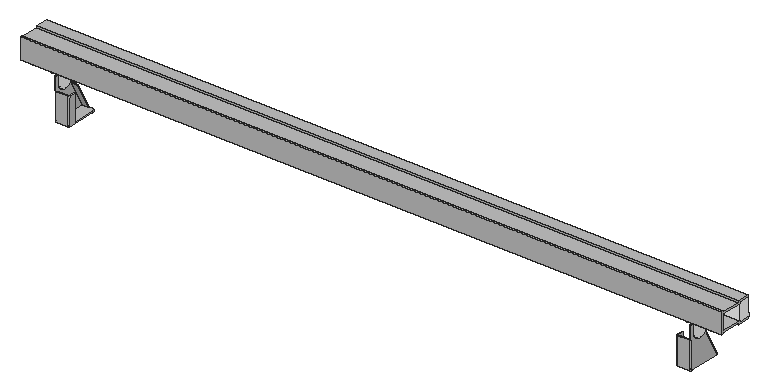
Revit family "4070764+4070746+4070771 Feilo Sylvania Lighting Fixture CURSUS 1161MM 731LM WIDE LED 3K with CONTINUOUS WALL HOUSING with 70MM WALL BRACKET", category Lighting Fixtures, host Face, Revit 2017
Family settings
  Host = Face
  Round Connector Dimension = Use Diameter
  Part Type = Normal
  OmniClass Number = 23.80.70.14
  OmniClass Title = Luminaries for External Lighting
  Cut with Voids When Loaded = Yes
  Light Source = No
  Shared = No
  Room Calculation Point = No
Parameters (values of type "4070764 CURSUS 1161MM 731LM WIDE LED 3K")
  Weight = "2.2 kg"
  Wattage Comments = "n/a"
  WarrantyStartDate [instance] = "n/a"
  WarrantyGuarantorParts = "n/a"
  WarrantyDurationUnit = "n/a"
  WarrantyDurationParts = "n/a"
  WarrantyDescription = "n/a"
  Voltage = 230 V
  URL = "http://www.sylvania-lighting.com"
  TypeName = "CURSUS 1161MM 731LM WIDE LED 3K"
  TypeFixture_FEILO = CURSUS with CONTINUOUS WALL HOUSING : CURSUS 1161MM 731LM WIDE LED 3K
  Type Image = <None>
  Type Comments = "n/a"
  TiltAngle [instance] = 0.00°
  StartAngle [instance] = TiltAngle + 270.00°  # 270.00°
  SerialNumber [instance] = "n/a"
  ReflectorMaterial = none
  PowerFactor = 0
  PowerConsumption = "18 W"
  NominalLength = 1161 mm
  NominalHeight = 50 mm
  NominalDepth = 30 mm
  Name = "CURSUS 1161MM 731LM WIDE LED 3K"
  ModelReference = Name  # "CURSUS 1161MM 731LM WIDE LED 3K"
  ModelNumber = "4070764"
  Model = Name  # "CURSUS 1161MM 731LM WIDE LED 3K"
  Material = "natural anodised extruded aluminium structure housing"
  ManufacturerName = "Feilo Sylvania"
  Manufacturer = "Feilo Sylvania"
  LuminousEfficacy = "40.61 lm/W"
  LuminaireType = ""
  LightOutputRatio = "100"
  LampsType = Lamp  # "LED"
  LampNominalLuminous = "731 lm"
  LampMacAdamStep = "n/a"
  LampColourTemperature = "3000 K"
  LampColourRenderingIndex = "80"
  Lamp = "LED"
  Keynote = "16500"
  InstallationDate [instance] = "n/a"
  InputVoltage = "220-240V~"
  InputNominalFrequency = "n/a"
  IngressProtection = "IP67"
  ImpactProtectionIndex = "IK07"
  IfcExportType = "IfcLightFixtureType"
  IfcExportAs = "IfcLightFixtureType"
  ExpectedLife = 50000
  EndAngle [instance] = StartAngle - 180.00°  # 90.00°
  ElectricShockClassification = "Class III"
  DurationUnit = "hours"
  DocumentationLiterature = "http://www.sylvania-lighting.com/product/en-int/products/4070764"
  DimmingControlOptions = "n/a"
  DiffuserMaterial = Diffuser-Sylvania-Glow
  Description = "LED Exterior Lighting Recessed Surface Mounted Linear Fixture, Natural anodised extruded aluminium structure. Die-cast aluminium end caps. Installation kit with harmonic steel springs., 731 lm, 18W, 40lm/W, 3000K, CRI80+,non dimmable,IP67, IK07, (HxWxD) 1161x50x30mm, 3 step Mac Adam Ellipse, 2.2kg,, Classe III, 21-25V-DC, energy class : A++, A+, A"
  Default Elevation = 1219.2 mm
  CreatedOn = "1/8/2018"
  CreatedBy = ""
  Cost = 0
  built-in parameter 1114216 [instance] = (empty or 0)
  ClassificationValue = "EF_70_80"
  ClassificationName = "Uniclass2015"
  BracketWidth = 24 mm
  BracketThickness = 2 mm
  BracketHeightEnd = 32 mm
  BracketHeight = 55 mm
  BracketFlange = BracketHeight / 5  # 11 mm
  BracketExtension = 70 mm
  BracketEndReduction = 25 mm
  BracketC = 22 mm  # constant formula
  BracketDistance = 1030 mm
  BracketD = BracketHeightEnd - (BracketC * (BracketHeight - BracketHeightEnd) / (BracketExtension - BracketEndReduction))  # 20.756 mm
  BodyMaterial = Body-Sylvania-Gray
  BarCode [instance] = "n/a"
  AssetType = "Fixed"
  AssetIdentifier [instance] = "n/a"
  Assembly Code = "D5020200"
  Apparent Load = 18 VA
  AccessoryMaterial = Diffuser-Sylvania-Glow
Reference planes
  plane 1 "Center (Front/Back)": y = 0
  plane 2: z = 0
  plane 3 "Center (Left/Right)": x = 0
  plane 4: x = -527
  plane 5: x = 527
  plane 6: y = 55
  plane 7: x = -503
  plane 8: x = 503
  plane 9: z = 70
  plane 10: z = 56
  plane 11: z = 2
  plane 12: z = 45
  plane 13: x = -525
  plane 14: y = 53
  plane 15: y = 2
  plane 16: x = -505
  plane 17: x = 505
  plane 18: x = 525
  plane 19: x = -515
  plane 20: x = 515
  plane 21: y = 11
  plane 22: y = 32
  plane 23: y = 30
  plane 24: z = 67
  plane 25: y = 20.756
  plane 26: y = 16
Forms (mm)
  Blend 1, solid, material "Body-Sylvania-Gray" <- "BodyMaterial"
    base sketch origin (1223.4, -4572, 2) x (0, -1, 0) y (1, 0, 0)
      loop
        line (-4625, -1738.4) -> (-4627, -1738.4) -> (-4627, -1748.4)
        arc (-4627, -1748.4) -> (-4626.414, -1749.814) -> (-4625, -1750.4) r 2
        line (-4625, -1750.4) -> (-4574, -1750.4)
        arc (-4574, -1750.4) -> (-4572.586, -1749.814) -> (-4572, -1748.4) r 2
        line (-4572, -1748.4) -> (-4572, -1728.4)
        arc (-4572, -1728.4) -> (-4572.586, -1726.986) -> (-4574, -1726.4) r 2
        line (-4574, -1726.4) -> (-4583, -1726.4) -> (-4583, -1728.4) -> (-4574, -1728.4) -> (-4574, -1748.4) -> (-4625, -1748.4) -> (-4625, -1738.4)
    top sketch origin (1223.4, -4572, 2) x (0, -1, 0) y (1, 0, 0)
      loop
        line (-4583, -1728.4) -> (-4574, -1728.4) -> (-4574, -1748.4) -> (-4602, -1748.4) -> (-4602, -1738.4) -> (-4604, -1738.4) -> (-4604, -1748.4)
        arc (-4604, -1748.4) -> (-4603.52, -1749.71) -> (-4602.309, -1750.4) r 2.028
        line (-4602.309, -1750.4) -> (-4574, -1750.4)
        arc (-4574, -1750.4) -> (-4572.586, -1749.814) -> (-4572, -1748.4) r 2
        line (-4572, -1748.4) -> (-4572, -1728.4)
        arc (-4572, -1728.4) -> (-4572.586, -1726.986) -> (-4574, -1726.4) r 2
        line (-4574, -1726.4) -> (-4583, -1726.4) -> (-4583, -1728.4)
    from 0 to 43
  Extrusion 2, solid, material "Body-Sylvania-Gray" <- "BodyMaterial"
    sketch origin (0, 0, 0) x (1, 0, 0) y (0, 1, 0)
      loop
        arc (-525, 55) -> (-526.414, 54.414) -> (-527, 53) r 2
        line (-527, 53) -> (-527, 2)
        arc (-527, 2) -> (-526.414, 0.586) -> (-525, 0) r 2
        line (-525, 0) -> (-505, 0)
        arc (-505, 0) -> (-503.586, 0.586) -> (-503, 2) r 2
        line (-503, 2) -> (-503, 47.5)
        arc (-503, 47.5) -> (-505.197, 52.803) -> (-510.5, 55) r 7.5
        line (-510.5, 55) -> (-525, 55)
      loop
        line (525, 55) -> (510.5, 55)
        arc (510.5, 55) -> (505.197, 52.803) -> (503, 47.5) r 7.5
        line (503, 47.5) -> (503, 2)
        arc (503, 2) -> (503.586, 0.586) -> (505, 0) r 2
        line (505, 0) -> (525, 0)
        arc (525, 0) -> (526.414, 0.586) -> (527, 2) r 2
        line (527, 2) -> (527, 53)
        arc (527, 53) -> (526.414, 54.414) -> (525, 55) r 2
    from 0 to 2
  Blend 3, solid, material "Body-Sylvania-Gray" <- "BodyMaterial"
    base sketch origin (1223.4, -4572, 2) x (0, -1, 0) y (1, 0, 0)
      loop
        line (-4625, -698.4) -> (-4574, -698.4) -> (-4574, -718.4) -> (-4583, -718.4) -> (-4583, -720.4) -> (-4574, -720.4)
        arc (-4574, -720.4) -> (-4572.586, -719.814) -> (-4572, -718.4) r 2
        line (-4572, -718.4) -> (-4572, -698.4)
        arc (-4572, -698.4) -> (-4572.586, -696.986) -> (-4574, -696.4) r 2
        line (-4574, -696.4) -> (-4625, -696.4)
        arc (-4625, -696.4) -> (-4626.414, -696.986) -> (-4627, -698.4) r 2
        line (-4627, -698.4) -> (-4627, -708.4) -> (-4625, -708.4) -> (-4625, -698.4)
    top sketch origin (1223.4, -4572, 2) x (0, -1, 0) y (1, 0, 0)
      loop
        line (-4602, -708.4) -> (-4602, -698.4) -> (-4574, -698.4) -> (-4574, -718.4) -> (-4583, -718.4) -> (-4583, -720.4) -> (-4574, -720.4)
        arc (-4574, -720.4) -> (-4572.586, -719.814) -> (-4572, -718.4) r 2
        line (-4572, -718.4) -> (-4572, -698.4)
        arc (-4572, -698.4) -> (-4572.586, -696.986) -> (-4574, -696.4) r 2
        line (-4574, -696.4) -> (-4602, -696.4)
        arc (-4602, -696.4) -> (-4603.414, -696.986) -> (-4604, -698.4) r 2
        line (-4604, -698.4) -> (-4604, -708.4) -> (-4602, -708.4)
    from 0 to 43
  Blend 4, solid, material "Body-Sylvania-Gray" <- "BodyMaterial"
    base sketch origin (1223.4, -4572, 45) x (0, -1, 0) y (1, 0, 0)
      loop
        line (-4604, -1750.4) -> (-4572, -1750.4) -> (-4572, -1748.4) -> (-4604, -1748.4) -> (-4604, -1750.4)
    top sketch origin (1223.4, -4572, 45) x (0, -1, 0) y (1, 0, 0)
      loop
        line (-4572, -1750.4) -> (-4572, -1748.4) -> (-4592.756, -1748.4) -> (-4592.756, -1750.4) -> (-4572, -1750.4)
    from 0 to 22
  Blend 5, solid, material "Body-Sylvania-Gray" <- "BodyMaterial"
    base sketch origin (1223.4, -4572, 45) x (0, -1, 0) y (1, 0, 0)
      loop
        line (-4604, -698.4) -> (-4572, -698.4) -> (-4572, -696.4) -> (-4604, -696.4) -> (-4604, -698.4)
    top sketch origin (1223.4, -4572, 45) x (0, -1, 0) y (1, 0, 0)
      loop
        line (-4572, -696.4) -> (-4592.756, -696.4) -> (-4592.756, -698.4) -> (-4572, -698.4) -> (-4572, -696.4)
    from 0 to 22
  Extrusion 6, void
    sketch origin (0, 0, 0) x (0, 1, 0) y (0, 0, 1)
      loop
        line (0, 45) -> (2, 45) -> (2, 46.5) -> (0, 46.5) -> (0, 45)
      loop
        line (32, 45) -> (32, 46.5) -> (30, 46.5) -> (30, 45) -> (32, 45)
    from -527 to 527
  Revolve 7, solid, not visible
    sketch origin (1524, 16, 1219.2) x (1, 0, 0) y (0, 0, 1)
      loop
        line (-1524, -1152.2) -> (-1524, -1163.2) -> (-1009, -1163.2) -> (-1009, -1152.2) -> (-1524, -1152.2)
      axis (-1009, -1163.2) -> (-1524, -1163.2)
    angle from 270 <- "StartAngle" to 90 <- "EndAngle"
Cuts and joins
  Extrusion 6 cuts Blend 4
  Extrusion 6 cuts Blend 5
  joined: Blend 1, Extrusion 2, Blend 3, Blend 4, Blend 5
Lines and regions (mm)
  reference lines, not visible
    curve 1: line (-503, 16, 56) -> (503, 16, 56)
Dimensions and locks
  equal spacing: plane 4, plane 3 "Center (Left/Right)", plane 5
  "BracketDistance": plane 19 to plane 20
  "BracketHeight": plane 1 "Center (Front/Back)" to plane 6
  equal spacing: plane 7, plane 3 "Center (Left/Right)", plane 8
  "BracketWidth": plane 4 to plane 7
  "BracketExtension": plane 9 to plane 2
  "BracketThickness": plane 11 to plane 2
  "BracketEndReduction": plane 9 to plane 12
  equal spacing: plane 13, plane 3 "Center (Left/Right)", plane 18
  equal spacing: plane 16, plane 3 "Center (Left/Right)", plane 17
  "BracketThickness": plane 4 to plane 13
  "BracketThickness": plane 16 to plane 7
  "BracketThickness": plane 14 to plane 6
  "BracketThickness": plane 1 "Center (Front/Back)" to plane 15
  equal spacing: plane 4, plane 19, plane 7
  equal spacing: plane 8, plane 20, plane 5
  "BracketFlange": plane 1 "Center (Front/Back)" to plane 21
  "BracketHeightEnd": plane 1 "Center (Front/Back)" to plane 22
  "BracketThickness": plane 23 to plane 22
  locked: Extrusion 2 sketch curve to plane 7 at 7.5
  locked: Extrusion 2 sketch curve to plane 6 at 7.5  (x2)
  locked: plane 8 to Extrusion 2 sketch curve at 7.5
  "BracketC": plane 24 to plane 12
  "BracketD": plane 1 "Center (Front/Back)" to plane 25
  locked: plane 12 to Extrusion 6 sketch curve at 1.5
  equal spacing: plane 24, plane 10, plane 12
  equal spacing: plane 1 "Center (Front/Back)", plane 26, plane 22
  aligned and locked: plane 2 to host face
  aligned and locked: level to host face
  aligned and locked: plane 4 to Blend 1 sketch curve  (x2)
  aligned and locked: plane 13 to Blend 1 sketch curve  (x3)
  aligned and locked: Blend 1 sketch curve to plane 15
  aligned and locked: Blend 1 sketch curve to plane 16
  aligned and locked: Blend 1 sketch curve to plane 21
  aligned and locked: plane 7 to Blend 1 sketch curve
  aligned and locked: plane 16 to Blend 1 sketch curve
  aligned and locked: plane 1 "Center (Front/Back)" to Blend 1 sketch curve
  aligned and locked: plane 14 to Blend 1 sketch curve
  aligned and locked: Blend 1 sketch curve to var sketch  (x6)
  aligned and locked: Blend 1 sketch curve to plane 19
  aligned and locked: Blend 1 sketch curve to plane 22
  aligned and locked: plane 23 to Blend 1 sketch curve
  aligned and locked: plane 11 to Blend 1
  aligned and locked: Extrusion 2 sketch curve to Blend 1  (x3)
  aligned and locked: Extrusion 2 to level
  aligned and locked: Extrusion 2 to plane 11
  aligned and locked: Extrusion 2 sketch curve to plane 7
  aligned and locked: plane 18 to Blend 3 sketch curve  (x4)
  aligned and locked: plane 14 to Blend 3 sketch curve  (x2)
  aligned and locked: Blend 3 sketch curve to plane 20
  aligned and locked: Blend 3 sketch curve to plane 6
  aligned and locked: plane 5 to Blend 3 sketch curve
  aligned and locked: plane 1 "Center (Front/Back)" to Blend 3 sketch curve
  aligned and locked: plane 15 to Blend 3 sketch curve  (x2)
  aligned and locked: Blend 3 sketch curve to plane 8
  aligned and locked: Blend 3 sketch curve to plane 21
  aligned and locked: plane 17 to Blend 3 sketch curve
  aligned and locked: Blend 3 sketch curve to plane 18
  aligned and locked: plane 20 to Blend 3 sketch curve  (x2)
  aligned and locked: Blend 3 sketch curve to plane 23
  aligned and locked: Blend 3 sketch curve to var sketch  (x8)
  aligned and locked: var sketch to Blend 3 sketch curve
  aligned and locked: plane 22 to Blend 3 sketch curve
  aligned and locked: plane 11 to Blend 3
  aligned and locked: Extrusion 2 sketch curve to Blend 3  (x4)
  aligned and locked: Blend 1 to plane 12
  aligned and locked: Blend 3 to plane 12
  aligned and locked: Blend 4 sketch curve to plane 22
  aligned and locked: Blend 4 sketch curve to cut or joined group of Blend 1, Extrusion 2, Blend 3, Blend 4, Blend 5, Extrusion 6  (x2)
  aligned and locked: cut or joined group of Blend 1, Extrusion 2, Blend 3, Blend 4, Blend 5, Extrusion 6 to Blend 4 sketch curve
  aligned and locked: Blend 4 sketch curve to var sketch  (x2)
  aligned and locked: Blend 4 sketch curve to plane 13
  aligned and locked: Blend 4 to plane 24
  aligned and locked: Blend 4 sketch curve to plane 25
  aligned and locked: Blend 5 sketch curve to plane 18  (x2)
  aligned and locked: plane 1 "Center (Front/Back)" to Blend 5 sketch curve
  aligned and locked: plane 5 to Blend 5 sketch curve
  aligned and locked: plane 22 to Blend 5 sketch curve
  aligned and locked: Blend 5 sketch curve to var sketch
  aligned and locked: var sketch to Blend 5 sketch curve
  aligned and locked: Blend 5 sketch curve to plane 25
  aligned and locked: Blend 5 to plane 24
  aligned and locked: plane 12 to Blend 5
  aligned and locked: Extrusion 6 sketch curve to cut or joined group of Blend 1, Extrusion 2, Blend 3, Blend 4, Blend 5, Extrusion 6  (x2)
  aligned and locked: Extrusion 6 sketch curve to Extrusion 6 sketch curve
  aligned and locked: Extrusion 6 sketch curve to plane 15
  aligned and locked: plane 5 to Extrusion 6
  aligned and locked: Extrusion 6 to plane 4
  aligned and locked: Extrusion 6 sketch curve to plane 23
  aligned and locked: Revolve 7 sketch curve to plane 10  (x2)
  aligned and locked: plane 24 to Revolve 7 sketch curve
  aligned and locked: plane 3 "Center (Left/Right)" to Revolve 7 sketch curve
  aligned and locked: Revolve 7 sketch curve to plane 20
  aligned and locked: plane 7 to curve 1
  aligned and locked: plane 10 to curve 1
  aligned and locked: nested 1 to plane 5
  aligned and locked: nested 2 to plane 4
  aligned and locked: nested 1 to curve 1
  aligned and locked: nested 2 to curve 1
  aligned and locked: nested 3 to plane 3 "Center (Left/Right)"
  aligned and locked: nested 1 to nested 3
Automatic sketch dimensions
  host sketch curve to host sketch curve = 2438.4 mm  (x2)
  Blend 1 sketch curve to plane 13 = 0 mm
  plane 15 to Blend 1 sketch curve = 0 mm  (x3)
  Blend 1 sketch curve to plane 23 = 0.309 mm
  plane 6 to Blend 1 sketch curve = 0 mm
  plane 14 to Blend 1 sketch curve = 0 mm
  Blend 1 sketch curve to plane 19 = 0 mm
  Blend 3 sketch curve to plane 17 = 0 mm
  Extrusion 6 sketch curve to plane 1 "Center (Front/Back)" = 0 mm
  plane 12 to Extrusion 6 sketch curve = 0 mm
  Revolve 7 sketch curve to plane 4 = 1153 mm
  plane 5 to Revolve 7 sketch curve = 1161.4 mm
  curve 1 to plane 8 = 0 mm
Nested families
  nested 1: "MountingPlate" at (526, 16, 56) x (-1, 0, 0) z (0, 0, 1), type "MountingPlate"
  nested 2: "MountingPlate" at (-526, 16, 56) x (-1, 0, 0) z (0, 0, 1), type "MountingPlate"
  nested 3: "CURSUS with CONTINUOUS WALL HOUSING" at (0, -4, 74) x (-1, 0, 0) z (0, 0, 1), type <- "TypeFixture_FEILO", type "CURSUS 1161MM 731LM WIDE LED 3K"
    with WarrantyStartDate "n/a", SerialNumber "n/a", InstallationDate "n/a", EndCapRight no, EndCapLeft no, built-in parameter 1114216 (empty or 0), BarCode "n/a", AssetIdentifier "n/a"
Connectors
  electrical at (0, 0, 0), driven by "Voltage", driven by "Apparent Load", driven by "PowerFactor", driven by "Apparent Load"
    settings: index 1, voltage 230 V, apparent load 18 VA, apparent load phase1 18 VA, apparent load phase2 0 VA, apparent load phase3 0 VA, power factor 0, load classification "Other", number of poles 1, system type 30, power factor state 1, is connector primary yes, connector utility no, sub classification motor no, connector description ""
Definition of nested family "MountingPlate"
  Parameters (values of type "MountingPlate")
    URL = "http://www.feilosylvania.com"
    Type Comments = "n/a"
    ReflectorMaterial = none
    MountingPlateWidth = 76 mm
    MountingPlateThickness = 2 mm
    MountingPlateRadiusBack = 12 mm
    MountingPlateRadius = 3 mm
    MountingPlateHeight = 35 mm
    Model = "n/a"
    Manufacturer = "Feilo Sylvania"
    Keynote = "n/a"
    DiffuserMaterial = none
    Description = "n/a"
    Default Elevation = 1219.2 mm
    Cost = 0
    BodyMaterial = none
    Assembly Code = "n/a"
    AccessoryMaterial = none
  Reference planes
    plane 1 "Center (Front/Back)": y = 0
    plane 2: z = 0
    plane 3 "Center (Left/Right)": x = 0
    plane 4: x = -38
    plane 5: x = 38
    plane 6: y = 17.5
    plane 7: y = -17.5
    plane 8: x = -3
    plane 9: x = 3
    plane 10: z = 18
    plane 11: z = 16
    plane 12: y = 12.5
    plane 13: y = -12.5
    plane 14: x = -1
    plane 15: x = 1
    plane 16: z = -12.5
    plane 17: z = -14.5
  Forms (mm)
    Extrusion 1, solid
      sketch origin (1.653, 0, 0) x (1, 0, 0) y (0, 1, 0)
        loop
          line (-1219.2, 1219.2) -> (-1219.2, -1219.2) -> (1219.2, -1219.2) -> (1219.2, 1219.2) -> (-1219.2, 1219.2)
      from 0 to -304.8
    Extrusion 2, solid, material <- "BodyMaterial"
      sketch origin (1218.4, -4572, 16) x (0, -1, 0) y (-1, 0, 0)
        loop
          line (-4589.5, 1253.4) -> (-4589.5, 1224.4)
          arc (-4589.5, 1224.4) -> (-4588.621, 1222.279) -> (-4586.5, 1221.4) r 3
          line (-4586.5, 1221.4) -> (-4557.5, 1221.4)
          arc (-4557.5, 1221.4) -> (-4555.379, 1222.279) -> (-4554.5, 1224.4) r 3
          line (-4554.5, 1224.4) -> (-4554.5, 1253.4)
          arc (-4554.5, 1253.4) -> (-4555.379, 1255.521) -> (-4557.5, 1256.4) r 3
          line (-4557.5, 1256.4) -> (-4586.5, 1256.4)
          arc (-4586.5, 1256.4) -> (-4588.621, 1255.521) -> (-4589.5, 1253.4) r 3
        loop
          arc (-4589.5, 1183.4) -> (-4588.621, 1181.279) -> (-4586.5, 1180.4) r 3
          line (-4586.5, 1180.4) -> (-4557.5, 1180.4)
          arc (-4557.5, 1180.4) -> (-4555.379, 1181.279) -> (-4554.5, 1183.4) r 3
          line (-4554.5, 1183.4) -> (-4554.5, 1212.4)
          arc (-4554.5, 1212.4) -> (-4555.379, 1214.521) -> (-4557.5, 1215.4) r 3
          line (-4557.5, 1215.4) -> (-4586.5, 1215.4)
          arc (-4586.5, 1215.4) -> (-4588.621, 1214.521) -> (-4589.5, 1212.4) r 3
          line (-4589.5, 1212.4) -> (-4589.5, 1183.4)
      from 0 to -2
    Extrusion 3, solid, material <- "BodyMaterial"
      sketch origin (0, 0, 0) x (1, 0, 0) y (0, 0, 1)
        loop
          line (-3, 18) -> (-3, -12.5) -> (-1, -12.5) -> (-1, 16)
          arc (-1, 16) -> (-1.586, 17.414) -> (-3, 18) r 2
        loop
          line (3, -12.5) -> (3, 18)
          arc (3, 18) -> (1.586, 17.414) -> (1, 16) r 2
          line (1, 16) -> (1, -12.5) -> (3, -12.5)
      from -12.5 to 12.5
    Extrusion 4, void
      sketch origin (0, 0, 0) x (0, 1, 0) y (0, 0, 1)
        loop
          line (-12.5, -0.5) -> (-17.5, -0.5) -> (-17.5, -14.5) -> (-0.5, -14.5) -> (-0.5, -12.5)
          arc (-0.5, -12.5) -> (-8.985, -8.985) -> (-12.5, -0.5) r 12
        loop
          line (0.5, -12.5) -> (0.5, -14.5) -> (17.5, -14.5) -> (17.5, -0.5) -> (12.5, -0.5)
          arc (12.5, -0.5) -> (8.985, -8.985) -> (0.5, -12.5) r 12
      from -3 to 3
  Cuts and joins
    Extrusion 4 cuts Extrusion 2
    Extrusion 4 cuts Extrusion 3
    joined: Extrusion 2, Extrusion 3
  Lines and regions (mm)
    reference lines
      curve 1: line (-38, 0, 0) -> (38, 0, 0)
  Dimensions and locks
    equal spacing: plane 4, plane 3 "Center (Left/Right)", plane 5
    "MountingPlateWidth": plane 4 to plane 5
    equal spacing: plane 7, plane 1 "Center (Front/Back)", plane 6
    "MountingPlateHeight": plane 7 to plane 6
    equal spacing: plane 8, plane 3 "Center (Left/Right)", plane 9
    "MountingPlateHeight": plane 4 to plane 8
    locked: plane 10 to plane 2 at 18
    "MountingPlateThickness": plane 10 to plane 11
    equal spacing: plane 13, plane 1 "Center (Front/Back)", plane 12
    locked: plane 13 to plane 12 at 25
    "MountingPlateRadius": plane 4 to Extrusion 2 sketch curve  (x2)
    "MountingPlateRadius": Extrusion 2 sketch curve to plane 6  (x4)
    "MountingPlateRadius": Extrusion 2 sketch curve to plane 8  (x2)
    "MountingPlateRadius": plane 7 to Extrusion 2 sketch curve  (x4)
    "MountingPlateRadius": plane 9 to Extrusion 2 sketch curve  (x2)
    "MountingPlateRadius": Extrusion 2 sketch curve to plane 5  (x2)
    equal spacing: plane 15, plane 3 "Center (Left/Right)", plane 14
    "MountingPlateThickness": plane 14 to plane 8
    locked: plane 2 to plane 16 at 12.5
    locked: plane 17 to plane 16 at 2
    "MountingPlateRadiusBack": plane 13 to Extrusion 4 sketch curve
    "MountingPlateRadiusBack": plane 16 to Extrusion 4 sketch curve  (x2)
    "MountingPlateRadiusBack": Extrusion 4 sketch curve to plane 12
    aligned and locked: plane 2 to Extrusion 1
    aligned and locked: level to Extrusion 1
    aligned and locked: Extrusion 2 sketch curve to plane 6
    aligned and locked: Extrusion 2 sketch curve to plane 4
    aligned and locked: plane 7 to Extrusion 2 sketch curve
    aligned and locked: plane 8 to Extrusion 2 sketch curve
    aligned and locked: plane 6 to Extrusion 2 sketch curve
    aligned and locked: Extrusion 2 sketch curve to plane 5
    aligned and locked: Extrusion 2 sketch curve to plane 7
    aligned and locked: plane 9 to Extrusion 2 sketch curve
    aligned and locked: Extrusion 2 to plane 10
    aligned and locked: plane 11 to Extrusion 2
    aligned and locked: Extrusion 3 sketch curve to Extrusion 2  (x2)
    aligned and locked: plane 16 to Extrusion 3 sketch curve  (x2)
    aligned and locked: plane 14 to Extrusion 3 sketch curve
    aligned and locked: plane 9 to Extrusion 3 sketch curve
    aligned and locked: plane 15 to Extrusion 3 sketch curve
    aligned and locked: Extrusion 3 to plane 12
    aligned and locked: plane 13 to Extrusion 3
    aligned and locked: plane 17 to Extrusion 4 sketch curve  (x2)
    aligned and locked: Extrusion 4 sketch curve to plane 7
    aligned and locked: Extrusion 4 sketch curve to plane 6
    aligned and locked: plane 9 to Extrusion 4
    aligned and locked: Extrusion 4 to plane 8
    aligned and locked: plane 4 to curve 1
    aligned and locked: curve 1 to level
  Automatic sketch dimensions
    Extrusion 1 sketch curve to Extrusion 1 sketch curve = 2438.4 mm  (x2)
    Extrusion 3 sketch curve to plane 11 = 0 mm
    curve 1 to plane 5 = 0 mm
    Extrusion 4 sketch curve to plane 13 = 0 mm
    Extrusion 4 sketch curve to plane 12 = 0 mm
Definition of nested family "CURSUS with CONTINUOUS WALL HOUSING"
  Parameters (values of type "CURSUS 1161MM 827LM OVAL LED 3K")
    Width_FEILO = 35 mm
    Weight = "2.2 kg"
    Wattage Comments = "n/a"
    Wattage = 18 W
    WarrantyStartDate [instance] = "n/a"
    WarrantyGuarantorParts = "n/a"
    WarrantyDurationUnit = "n/a"
    WarrantyDurationParts = "n/a"
    WarrantyDescription = "n/a"
    WallThickness_FEILO = 2.5 mm
    built-in parameter 1150110 = 1 (stored number, unit not read)
    Voltage = 24 V
    URL = "http://www.feilosylvania.com"
    TypeName = "CURSUS 1161MM 827LM OVAL LED 3K"
    Type Image = (empty or 0)
    Type Comments = "n/a"
    built-in parameter 1114217 = 1 (stored number, unit not read)
    Tilt Angle = -90.00°
    built-in parameter 1150109 = 1 (stored number, unit not read)
    built-in parameter 1150134 = (empty or 0)
    built-in parameter 1150113 = 1 (stored number, unit not read)
    SerialNumber [instance] = "n/a"
    ReflectorMaterial = none
    PowerFactor = 0
    PowerConsumption = "18 W"
    Photometric Web File = "4070765.ies"
    NominalLength = 1161 mm
    NominalHeight = 50 mm
    NominalDepth = 30 mm
    Name = "CURSUS 1161MM 827LM OVAL LED 3K"
    ModelReference = Name  # "CURSUS 1161MM 827LM OVAL LED 3K"
    ModelNumber = ""
    Model = Name  # "CURSUS 1161MM 827LM OVAL LED 3K"
    Material = "natural anodised extruded aluminium structure housing, optical system with pmma lenses diffuser"
    ManufacturerName = "Feilo Sylvania"
    Manufacturer = "Feilo Sylvania"
    LuminousEfficacy = "45.94 lm/W"
    built-in parameter 1150105 = 65.811 (stored number, unit not read)
    Lumens = 827 lm
    LuminaireType = ""
    built-in parameter 1150115 = 1 (stored number, unit not read)
    LightOutputRatio = "100"
    built-in parameter 1150137 = (empty or 0)
    built-in parameter 1150139 = (empty or 0)
    Length_FEILO = 1167 mm
    LampsType = Lamp  # "LED"
    LampNominalLuminous = "827 lm"
    LampMacAdamStep = "n/a"
    LampColourTemperature = "3000 K"
    LampColourRenderingIndex = "80"
    built-in parameter 1150112 = 1 (stored number, unit not read)
    built-in parameter 1150114 = 1 (stored number, unit not read)
    Lamp = "LED"
    Keynote = "16500"
    InstallationDate [instance] = "n/a"
    InputVoltage = "24V DC"
    InputNominalFrequency = "n/a"
    built-in parameter 1150132 = (empty or 0)
    built-in parameter 1150102 = (empty or 0)
    built-in parameter 1150107 = 3000 (stored number, unit not read)
    built-in parameter 1150138 = (empty or 0)
    IngressProtection = "IP67"
    ImpactProtectionIndex = "IK07"
    built-in parameter 1150106 = 0.65811 (stored number, unit not read)
    IfcExportType = "IfcLightFixtureType"
    IfcExportAs = "IfcLightFixtureType"
    ExpectedLife = 50000
    EndCapRight [instance] = no
    EndCapLeft [instance] = no
    Emit from Rectangle Width = Width_FEILO - WallThickness_FEILO * 2  # 30 mm
    Emit from Rectangle Length = Length_FEILO - WallThickness_FEILO * 2  # 1162 mm
    Emit Shape Visible in Rendering = no
    ElectricShockClassification = "Class III"
    built-in parameter 1150104 = 4.2684 (stored number, unit not read)
    DurationUnit = "hours"
    DocumentationLiterature = "http://www.feilosylvania.com/product/en-int/products/4070765"
    DimmingControlOptions = "n/a"
    Dimming Lamp Color Temperature Shift = (empty or 0)
    DiffuserMaterial = none
    Description = "LED Exterior Lighting Recessed Surface Mounted Linear Fixture, Natural anodised extruded aluminium structure. Die-cast aluminium end caps. Installation kit with harmonic steel springs., 827 lm, 18W, 45lm/W, 3000K, CRI80+,non dimmable,IP67, IK07, (HxWxD) 1161x50x30mm, 3 step Mac Adam Ellipse, 2.2kg,, Classe III, 21-25V-DC, energy class : A++, A+, A"
    Default Elevation = 1219.2 mm
    CreatedOn = "1/8/2018"
    CreatedBy = "aron.fodor@feilosylvania.com"
    Cost = 0
    Color Filter = 16777215
    built-in parameter 1114216 [instance] = (empty or 0)
    ClassificationValue = "EF_70_80"
    ClassificationName = "Uniclass2015"
    BodyMaterial = none
    BarCode [instance] = "n/a"
    built-in parameter 1114218 = 1 (stored number, unit not read)
    built-in parameter 1150133 = 10 (stored number, unit not read)
    AssetType = "Fixed"
    AssetIdentifier [instance] = "n/a"
    Assembly Code = "D5020200"
    Apparent Load = 18 VA
    AccessoryMaterial = none
  Types (16, lengths in mm): name | Weight | Wattage | Voltage | TypeName | built-in parameter 1150134 | PowerConsumption | Photometric Web File | NominalLength | Name | ModelReference | Model | Material | LuminousEfficacy | built-in parameter 1150105 | Lumens | Length_FEILO | LampNominalLuminous | LampColourTemperature | InputVoltage | InputNominalFrequency | built-in parameter 1150107 | built-in parameter 1150106 | Emit from Rectangle Length | built-in parameter 1150104 | DocumentationLiterature | Description | Apparent Load
    CURSUS 1161MM 827LM OVAL LED 3K | "2.2 kg" | 18 W | 24 V | "CURSUS 1161MM 827LM OVAL LED 3K" | (empty or 0) | "18 W" | "4070765.ies" | 1161 | "CURSUS 1161MM 827LM OVAL LED 3K" | "CURSUS 1161MM 827LM OVAL LED 3K" | "CURSUS 1161MM 827LM OVAL LED 3K" | "natural anodised extruded aluminium structure housing, optical system with pmma lenses diffuser" | "45.94 lm/W" | 65.811 (stored number, unit not read) | 827 lm | 1167 | "827 lm" | "3000 K" | "24V DC" | "n/a" | 3000 (stored number, unit not read) | 0.65811 (stored number, unit not read) | 1162 | 4.2684 (stored number, unit not read) | "http://www.feilosylvania.com/product/en-int/products/4070765" | "LED Exterior Lighting Recessed Surface Mounted Linear Fixture, Natural anodised extruded aluminium structure. Die-cast aluminium end caps. Installation kit with harmonic steel springs., 827 lm, 18W, 45lm/W, 3000K, CRI80+,non dimmable,IP67, IK07, (HxWxD) 1161x50x30mm, 3 step Mac Adam Ellipse, 2.2kg,, Classe III, 21-25V-DC, energy class : A++, A+, A" | 18 VA
    CURSUS 1161MM 731LM WIDE LED 3K | "2.2 kg" | 18 W | 230 V | "CURSUS 1161MM 731LM WIDE LED 3K" | (empty or 0) | "18 W" | "4070764.ies" | 1161 | "CURSUS 1161MM 731LM WIDE LED 3K" | "CURSUS 1161MM 731LM WIDE LED 3K" | "CURSUS 1161MM 731LM WIDE LED 3K" | "natural anodised extruded aluminium structure housing" | "40.61 lm/W" | 58.171 (stored number, unit not read) | 731 lm | 1167 | "731 lm" | "3000 K" | "220-240V~" | "n/a" | 3000 (stored number, unit not read) | 0.58171 (stored number, unit not read) | 1162 | 3.7729 (stored number, unit not read) | "http://www.feilosylvania.com/product/en-int/products/4070764" | "LED Exterior Lighting Recessed Surface Mounted Linear Fixture, Natural anodised extruded aluminium structure. Die-cast aluminium end caps. Installation kit with harmonic steel springs., 731 lm, 18W, 40lm/W, 3000K, CRI80+,non dimmable,IP67, IK07, (HxWxD) 1161x50x30mm, 3 step Mac Adam Ellipse, 2.2kg,, Classe III, 21-25V-DC, energy class : A++, A+, A" | 18 VA
    CURSUS 1161MM 871LM OVAL LED 4K | "2.2 kg" | 18 W | 24 V | "CURSUS 1161MM 871LM OVAL LED 4K" | 12 | "18 W" | "4070763.ies" | 1161 | "CURSUS 1161MM 871LM OVAL LED 4K" | "CURSUS 1161MM 871LM OVAL LED 4K" | "CURSUS 1161MM 871LM OVAL LED 4K" | "natural anodised extruded aluminium structure housing, optical system with pmma lenses diffuser" | "48.38 lm/W" | 69.312 (stored number, unit not read) | 871 lm | 1167 | "871 lm" | "4000 K" | "24V DC" | "50/60 Hz" | 4000 (stored number, unit not read) | 0.69312 (stored number, unit not read) | 1162 | 4.4955 (stored number, unit not read) | "http://www.feilosylvania.com/product/en-int/products/4070763" | "LED Exterior Lighting Recessed Surface Mounted Linear Fixture, Natural anodised extruded aluminium structure. Die-cast aluminium end caps. Installation kit with harmonic steel springs., 871 lm, 18W,  48lm/W, 4000K, CRI80+,non dimmable,IP67, IK07, (HxWxD) 1161x50x30mm, 3 step Mac Adam Ellipse, 2.2kg,, Classe III, 21-25V-DC, energy class : A++, A+, A" | 18 VA
    CURSUS 1161MM 770LM WIDE LED 4K | "2.2 kg" | 18 W | 230 V | "CURSUS 1161MM 770LM WIDE LED 4K" | 12 | "18 W" | "4070762.ies" | 1161 | "CURSUS 1161MM 770LM WIDE LED 4K" | "CURSUS 1161MM 770LM WIDE LED 4K" | "CURSUS 1161MM 770LM WIDE LED 4K" | "natural anodised extruded aluminium structure housing" | "42.77 lm/W" | 61.275 (stored number, unit not read) | 770 lm | 1167 | "770 lm" | "4000 K" | "220-240V~" | "n/a" | 4000 (stored number, unit not read) | 0.61275 (stored number, unit not read) | 1162 | 3.9742 (stored number, unit not read) | "http://www.feilosylvania.com/product/en-int/products/4070762" | "LED Exterior Lighting Recessed Surface Mounted Linear Fixture, Natural anodised extruded aluminium structure. Die-cast aluminium end caps. Installation kit with harmonic steel springs., 770 lm, 18W,  42lm/W, 4000K, CRI80+,non dimmable,IP67, IK07, (HxWxD) 1161x50x30mm, 3 step Mac Adam Ellipse, 2.2kg,, Classe III, 21-25V-DC, energy class : A++, A+, A" | 18 VA
    CURSUS 876MM 620LM OVAL LED 3K | "1.7 kg" | 13.5 W | 24 V | "CURSUS 876MM 620LM OVAL LED 3K" | (empty or 0) | "13.5 W" | "4070758.ies" | 876 | "CURSUS 876MM 620LM OVAL LED 3K" | "CURSUS 876MM 620LM OVAL LED 3K" | "CURSUS 876MM 620LM OVAL LED 3K" | "natural anodised extruded aluminium structure housing, optical system with pmma lenses diffuser" | "45.92 lm/W" | 49.338 (stored number, unit not read) | 620 lm | 882 | "620 lm" | "3000 K" | "24V DC" | "50/60 Hz" | 3000 (stored number, unit not read) | 0.49338 (stored number, unit not read) | 877 | 4.2667 (stored number, unit not read) | "http://www.feilosylvania.com/product/en-int/products/4070758" | "LED Exterior Lighting Recessed Surface Mounted Linear Fixture, Natural anodised extruded aluminium structure. Die-cast aluminium end caps. Installation kit with harmonic steel springs., 620 lm, 13,5W, 45lm/W, 3000K, CRI80+,non dimmable,IP67, IK07, (HxWxD) 876x50x30mm, 3 step Mac Adam Ellipse, 1.7kg,, Classe III, 21-25V-DC, energy class : A++, A+, A" | 13.5 VA
    CURSUS 876MM 548LM WIDE LED 3K | "1.7 kg" | 13.5 W | 24 V | "CURSUS 876MM 548LM WIDE LED 3K" | (empty or 0) | "13.5 W" | "4070757.ies" | 876 | "CURSUS 876MM 548LM WIDE LED 3K" | "CURSUS 876MM 548LM WIDE LED 3K" | "CURSUS 876MM 548LM WIDE LED 3K" | "natural anodised extruded aluminium structure housing" | "40.59 lm/W" | 43.608 (stored number, unit not read) | 548 lm | 882 | "548 lm" | "3000 K" | "24V DC" | "n/a" | 3000 (stored number, unit not read) | 0.43608 (stored number, unit not read) | 877 | 3.7712 (stored number, unit not read) | "http://www.feilosylvania.com/product/en-int/products/4070757" | "LED Exterior Lighting Recessed Surface Mounted Linear Fixture, Natural anodised extruded aluminium structure. Die-cast aluminium end caps. Installation kit with harmonic steel springs., 548 lm, 13,5W, 40lm/W, 3000K, CRI80+,non dimmable,IP67, IK07, (HxWxD) 876x50x30mm, 3 step Mac Adam Ellipse, 1.7kg,, Classe III, 21-25V-DC, energy class : A++, A+, A" | 13.5 VA
    CURSUS 876MM 653LM OVAL LED 4K | "1.7 kg" | 13.5 W | 24 V | "CURSUS 876MM 653LM OVAL LED 4K" | 12 | "13.5 W" | "4070756.ies" | 876 | "CURSUS 876MM 653LM OVAL LED 4K" | "CURSUS 876MM 653LM OVAL LED 4K" | "CURSUS 876MM 653LM OVAL LED 4K" | "natural anodised extruded aluminium structure housing, optical system with pmma lenses diffuser" | "48.37 lm/W" | 51.964 (stored number, unit not read) | 653 lm | 882 | "653 lm" | "4000 K" | "24V DC" | "n/a" | 4000 (stored number, unit not read) | 0.51964 (stored number, unit not read) | 877 | 4.4938 (stored number, unit not read) | "http://www.feilosylvania.com/product/en-int/products/4070756" | "LED Exterior Lighting Recessed Surface Mounted Linear Fixture, Natural anodised extruded aluminium structure. Die-cast aluminium end caps. Installation kit with harmonic steel springs., 653 lm, 13,5W,  48lm/W, 4000K, CRI80+,non dimmable,IP67, IK07, (HxWxD) 876x50x30mm, 3 step Mac Adam Ellipse, 1.7kg,, Classe III, 21-25V-DC, energy class : A++, A+, A" | 13.5 VA
    CURSUS 876MM 577LM WIDE LED 4K | "1.7 kg" | 13.5 W | 24 V | "CURSUS 876MM 577LM WIDE LED 4K" | 12 | "13.5 W" | "4070755.ies" | 876 | "CURSUS 876MM 577LM WIDE LED 4K" | "CURSUS 876MM 577LM WIDE LED 4K" | "CURSUS 876MM 577LM WIDE LED 4K" | "natural anodised extruded aluminium structure housing" | "42.74 lm/W" | 45.916 (stored number, unit not read) | 577 lm | 882 | "577 lm" | "4000 K" | "24V DC" | "n/a" | 4000 (stored number, unit not read) | 0.45916 (stored number, unit not read) | 877 | 3.9707 (stored number, unit not read) | "http://www.feilosylvania.com/product/en-int/products/4070755" | "LED Exterior Lighting Recessed Surface Mounted Linear Fixture, Natural anodised extruded aluminium structure. Die-cast aluminium end caps. Installation kit with harmonic steel springs., 577 lm, 13,5W,  42lm/W, 4000K, CRI80+,non dimmable,IP67, IK07, (HxWxD) 876x50x30mm, 3 step Mac Adam Ellipse, 1.7kg,, Classe III, 21-25V-DC, energy class : A++, A+, A" | 13.5 VA
    CURSUS 591MM 414LM OVAL LED 3K | "1.2 kg" | 9 W | 24 V | "CURSUS 591MM 414LM OVAL LED 3K" | (empty or 0) | "9 W" | "4070751.ies" | 591 | "CURSUS 591MM 414LM OVAL LED 3K" | "CURSUS 591MM 414LM OVAL LED 3K" | "CURSUS 591MM 414LM OVAL LED 3K" | "natural anodised extruded aluminium structure housing, optical system with pmma lenses diffuser" | "46 lm/W" | 32.945 (stored number, unit not read) | 414 lm | 597 | "414 lm" | "3000 K" | "24V DC" | "n/a" | 3000 (stored number, unit not read) | 0.32945 (stored number, unit not read) | 592 | 4.2735 (stored number, unit not read) | "http://www.feilosylvania.com/product/en-int/products/4070751" | "LED Exterior Lighting Recessed Surface Mounted Linear Fixture, Natural anodised extruded aluminium structure. Die-cast aluminium end caps. Installation kit with harmonic steel springs., 414 lm, 9W, 46lm/W, 3000K, CRI80+,non dimmable,IP67, IK07, (HxWxD) 591x50x30mm, 3 step Mac Adam Ellipse, 1.2kg,, Classe III, 21-25V-DC, energy class : A++, A+, A" | 9 VA
    CURSUS 591MM 365LM WIDE LED 3K | "1.2 kg" | 9 W | 24 V | "CURSUS 591MM 365LM WIDE LED 3K" | (empty or 0) | "9 W" | "4070750.ies" | 591 | "CURSUS 591MM 365LM WIDE LED 3K" | "CURSUS 591MM 365LM WIDE LED 3K" | "CURSUS 591MM 365LM WIDE LED 3K" | "natural anodised extruded aluminium structure housing" | "40.55 lm/W" | 29.046 (stored number, unit not read) | 365 lm | 597 | "365 lm" | "3000 K" | "24V DC" | "n/a" | 3000 (stored number, unit not read) | 0.29046 (stored number, unit not read) | 592 | 3.7677 (stored number, unit not read) | "http://www.feilosylvania.com/product/en-int/products/4070750" | "LED Exterior Lighting Recessed Surface Mounted Linear Fixture, Natural anodised extruded aluminium structure. Die-cast aluminium end caps. Installation kit with harmonic steel springs., 365 lm, 9W, 40lm/W, 3000K, CRI80+,non dimmable,IP67, IK07, (HxWxD) 591x50x30mm, 3 step Mac Adam Ellipse, 1.2kg,, Classe III, 21-25V-DC, energy class : A++, A+, A" | 9 VA
    CURSUS 591MM 435LM OVAL LED 4K | "1.2 kg" | 9 W | 24 V | "CURSUS 591MM 435LM OVAL LED 4K" | 12 | "9 W" | "4070749.ies" | 591 | "CURSUS 591MM 435LM OVAL LED 4K" | "CURSUS 591MM 435LM OVAL LED 4K" | "CURSUS 591MM 435LM OVAL LED 4K" | "natural anodised extruded aluminium structure housing, optical system with pmma lenses diffuser" | "48.33 lm/W" | 34.616 (stored number, unit not read) | 435 lm | 597 | "435 lm" | "4000 K" | "24V DC" | "n/a" | 4000 (stored number, unit not read) | 0.34616 (stored number, unit not read) | 592 | 4.4903 (stored number, unit not read) | "http://www.feilosylvania.com/product/en-int/products/4070749" | "LED Exterior Lighting Recessed Surface Mounted Linear Fixture, Natural anodised extruded aluminium structure. Die-cast aluminium end caps. Installation kit with harmonic steel springs., 435 lm, 9W, 48lm/W, 4000K, CRI80+,non dimmable,IP67, IK07, (HxWxD) 591x50x30mm, 3 step Mac Adam Ellipse, 1.2kg,, Classe III, 21-25V-DC, energy class : A++, A+, A" | 9 VA
    CURSUS 591MM 385LM WIDE LED 4K | "1.2 kg" | 9 W | 24 V | "CURSUS 591MM 385LM WIDE LED 4K" | 12 | "9 W" | "4070748.ies" | 591 | "CURSUS 591MM 385LM WIDE LED 4K" | "CURSUS 591MM 385LM WIDE LED 4K" | "CURSUS 591MM 385LM WIDE LED 4K" | "natural anodised extruded aluminium structure housing" | "42.77 lm/W" | 30.637 (stored number, unit not read) | 385 lm | 597 | "385 lm" | "4000 K" | "24V DC" | "n/a" | 4000 (stored number, unit not read) | 0.30637 (stored number, unit not read) | 592 | 3.9742 (stored number, unit not read) | "http://www.feilosylvania.com/product/en-int/products/4070748" | "LED Exterior Lighting Recessed Surface Mounted Linear Fixture, Natural anodised extruded aluminium structure. Die-cast aluminium end caps. Installation kit with harmonic steel springs., 385 lm, 9W,  42lm/W, 4000K, CRI80+,non dimmable,IP67, IK07, (HxWxD) 591x50x30mm, 3 step Mac Adam Ellipse, 1.2kg,, Classe III, 21-25V-DC, energy class : A++, A+, A" | 9 VA
    CURSUS 306MM 207LM OVAL LED3K | "0.6 kg" | 4.5 W | 24 V | "CURSUS 306MM 207LM OVAL LED3K" | (empty or 0) | "4.5 W" | "4070744.ies" | 306 | "CURSUS 306MM 207LM OVAL LED3K" | "CURSUS 306MM 207LM OVAL LED3K" | "CURSUS 306MM 207LM OVAL LED3K" | "natural anodised extruded aluminium structure housing, optical system with pmma lenses diffuser" | "46 lm/W" | 16.473 (stored number, unit not read) | 207 lm | 312 | "207 lm" | "3000 K" | "24V DC" | "n/a" | 3000 (stored number, unit not read) | 0.16473 (stored number, unit not read) | 307 | 4.2735 (stored number, unit not read) | "http://www.feilosylvania.com/product/en-int/products/4070744" | "LED Exterior Lighting Recessed Surface Mounted Linear Fixture, Natural anodised extruded aluminium structure. Die-cast aluminium end caps. Installation kit with harmonic steel springs., 207 lm, 4,5W, 46lm/W, 3000K, CRI80+,non dimmable,IP67, IK07, (HxWxD) 306x50x30mm, 3 step Mac Adam Ellipse, 0.6kg,, Classe III, 21-25V-DC, energy class : A++, A+, A" | 4.5 VA
    CURSUS 306MM 183LM WIDE LED 3K | "0.6 kg" | 4.5 W | 24 V | "CURSUS 306MM 183LM WIDE LED 3K" | (empty or 0) | "4.5 W" | "4070743.ies" | 306 | "CURSUS 306MM 183LM WIDE LED 3K" | "CURSUS 306MM 183LM WIDE LED 3K" | "CURSUS 306MM 183LM WIDE LED 3K" | "natural anodised extruded aluminium structure housing" | "40.66 lm/W" | 14.563 (stored number, unit not read) | 183 lm | 312 | "183 lm" | "3000 K" | "24V DC" | "n/a" | 3000 (stored number, unit not read) | 0.14563 (stored number, unit not read) | 307 | 3.7781 (stored number, unit not read) | "http://www.feilosylvania.com/product/en-int/products/4070743" | "LED Exterior Lighting Recessed Surface Mounted Linear Fixture, Natural anodised extruded aluminium structure. Die-cast aluminium end caps. Installation kit with harmonic steel springs., 183 lm, 4,5W, 40lm/W, 3000K, CRI80+,non dimmable,IP67, IK07, (HxWxD) 306x50x30mm, 3 step Mac Adam Ellipse, 0.6kg,, Classe III, 21-25V-DC, energy class : A++, A+, A" | 4.5 VA
    CURSUS 306MM 218LM OVAL LED 4K | "0.6 kg" | 4.5 W | 24 V | "CURSUS 306MM 218LM OVAL LED 4K" | 12 | "4.5 W" | "4070742.ies" | 306 | "CURSUS 306MM 218LM OVAL LED 4K" | "CURSUS 306MM 218LM OVAL LED 4K" | "CURSUS 306MM 218LM OVAL LED 4K" | "natural anodised extruded aluminium structure housing, optical system with pmma lenses diffuser" | "48.44 lm/W" | 17.348 (stored number, unit not read) | 218 lm | 312 | "218 lm" | "4000 K" | "24V DC" | "n/a" | 4000 (stored number, unit not read) | 0.17348 (stored number, unit not read) | 307 | 4.5006 (stored number, unit not read) | "http://www.feilosylvania.com/product/en-int/products/4070742" | "LED Exterior Lighting Recessed Surface Mounted Linear Fixture, Natural anodised extruded aluminium structure. Die-cast aluminium end caps. Installation kit with harmonic steel springs., 218 lm, 4,5W,  48lm/W, 4000K, CRI80+,non dimmable,IP67, IK07, (HxWxD) 306x50x30mm, 3 step Mac Adam Ellipse, 0.6kg,, Classe III, 21-25V-DC, energy class : A++, A+, A" | 4.5 VA
    CURSUS 306MM 192LM WIDE LED 4K | "0.6 kg" | 4.5 W | 24 V | "CURSUS 306MM 192LM WIDE LED 4K" | 12 | "4.5 W" | "4070741.ies" | 306 | "CURSUS 306MM 192LM WIDE LED 4K" | "CURSUS 306MM 192LM WIDE LED 4K" | "CURSUS 306MM 192LM WIDE LED 4K" | "natural anodised extruded aluminium structure housing" | "42.66 lm/W" | 15.279 (stored number, unit not read) | 192 lm | 312 | "192 lm" | "4000 K" | "24V DC" | "n/a" | 4000 (stored number, unit not read) | 0.15279 (stored number, unit not read) | 307 | 3.9639 (stored number, unit not read) | "http://www.feilosylvania.com/product/en-int/products/4070741" | "LED Exterior Lighting Recessed Surface Mounted Linear Fixture, Natural anodised extruded aluminium structure. Die-cast aluminium end caps. Installation kit with harmonic steel springs., 192 lm, 4,5W,  42lm/W, 4000K, CRI80+,non dimmable,IP67, IK07, (HxWxD) 306x50x30mm, 3 step Mac Adam Ellipse, 0.6kg,, Classe III, 21-25V-DC, energy class : A++, A+, A" | 4.5 VA
  Reference planes
    plane 1 "Center (Front/Back)": y = 0
    plane 2: z = 0
    plane 3 "Center (Left/Right)": x = 0
    plane 4: x = 583.5
    plane 5: x = -583.5
    plane 6: x = -581
    plane 7: x = 581
    plane 8: z = 35
    plane 9: z = 17.5
    plane 10: z = 32.5
    plane 11: z = 2.5
    plane 12: z = 30
    plane 13: z = 5
    plane 14: y = -55
    plane 15: y = -53
    plane 16: y = -2.5
    plane 17: y = -37
    plane 18: y = -34.5
  Forms (mm)
    Extrusion 1, solid
      sketch origin (4.2, 0, 0) x (1, 0, 0) y (0, 1, 0)
        loop
          line (-1219.2, 1219.2) -> (-1219.2, -1219.2) -> (1219.2, -1219.2) -> (1219.2, 1219.2) -> (-1219.2, 1219.2)
      from 0 to -304.8
    Extrusion 2, solid, material <- "BodyMaterial"
      sketch origin (0, 0, 0) x (0, 1, 0) y (0, 0, 1)
        loop
          line (0, 35) -> (-2.5, 35) -> (-2.5, 32.5) -> (-34.5, 32.5) -> (-34.5, 35) -> (-55, 35) -> (-55, 32.5) -> (-37, 32.5) -> (-37, 30) -> (-2.5, 30) -> (-2.5, 5) -> (-37, 5) -> (-37, 2.5) -> (-55, 2.5) -> (-55, 0) -> (-34.5, 0) -> (-34.5, 2.5) -> (-2.5, 2.5) -> (-2.5, 0) -> (0, 0) -> (0, 35)
      from -581 to 581
    Extrusion 3, solid, material <- "DiffuserMaterial"
      sketch origin (0, 0, 0) x (0, 1, 0) y (0, 0, 1)
        loop
          line (-37, 32.5) -> (-55, 32.5) -> (-55, 19.5) -> (-53, 17.5) -> (-55, 15.5) -> (-55, 2.5) -> (-37, 2.5) -> (-37, 32.5)
      from -581 to 581
    Extrusion 4, solid, material <- "BodyMaterial", visible <- "EndCapRight"
      sketch origin (581, 1524, 1219.2) x (0, 1, 0) y (0, 0, 1)
        loop
          line (-1579, -1184.2) -> (-1579, -1219.2) -> (-1524, -1219.2) -> (-1524, -1184.2) -> (-1579, -1184.2)
      from 0 to 2.5
    Extrusion 5, solid, material <- "BodyMaterial", visible <- "EndCapLeft"
      sketch origin (-581, 1524, 1219.2) x (0, 1, 0) y (0, 0, 1)
        loop
          line (-1579, -1184.2) -> (-1579, -1219.2) -> (-1524, -1219.2) -> (-1524, -1184.2) -> (-1579, -1184.2)
      from -2.5 to 0
  Dimensions and locks
    equal spacing: plane 5, plane 3 "Center (Left/Right)", plane 4
    "Length_FEILO": plane 5 to plane 4
    equal spacing: plane 6, plane 3 "Center (Left/Right)", plane 7
    "WallThickness_FEILO": plane 5 to plane 6
    locked: plane 9 to plane 2 at 17.5
    locked: plane 8 to plane 2 at 35
    equal spacing: plane 11, plane 9, plane 10
    equal spacing: plane 13, plane 9, plane 12
    "WallThickness_FEILO": plane 12 to plane 10
    locked: plane 14 to plane 15 at 2
    locked: plane 14 to plane 17 at 18
    "WallThickness_FEILO": plane 17 to plane 18
    "WallThickness_FEILO": plane 16 to plane 1 "Center (Front/Back)"
    locked: plane 15 to Extrusion 3 sketch curve (angle 45.00°)
    locked: Extrusion 3 sketch curve to plane 15 (angle 45.00°)
    aligned and locked: plane 2 to Extrusion 1
    aligned and locked: level to Extrusion 1
    aligned and locked: plane 1 "Center (Front/Back)" to Extrusion 2 sketch curve
    aligned and locked: Extrusion 2 sketch curve to plane 8  (x2)
    aligned and locked: plane 16 to Extrusion 2 sketch curve
    aligned and locked: Extrusion 1 to Extrusion 2 sketch curve
    aligned and locked: Extrusion 2 sketch curve to plane 16  (x2)
    aligned and locked: Extrusion 2 sketch curve to plane 11
    aligned and locked: plane 18 to Extrusion 2 sketch curve
    aligned and locked: level to Extrusion 2 sketch curve
    aligned and locked: plane 11 to Extrusion 2 sketch curve
    aligned and locked: Extrusion 2 sketch curve to plane 17
    aligned and locked: plane 13 to Extrusion 2 sketch curve
    aligned and locked: Extrusion 2 sketch curve to plane 12
    aligned and locked: plane 10 to Extrusion 2 sketch curve  (x2)
    aligned and locked: plane 17 to Extrusion 2 sketch curve  (x2)
    aligned and locked: plane 12 to Extrusion 2 sketch curve
    aligned and locked: Extrusion 2 sketch curve to plane 10
    aligned and locked: Extrusion 2 sketch curve to plane 18
    aligned and locked: plane 7 to Extrusion 2
    aligned and locked: Extrusion 2 to plane 6
    aligned and locked: Extrusion 3 sketch curve to Extrusion 2  (x4)
    aligned and locked: Extrusion 2 to Extrusion 3 sketch curve
    aligned and locked: plane 9 to Extrusion 3 sketch curve
    aligned and locked: plane 7 to Extrusion 3
    aligned and locked: Extrusion 3 to plane 6
    aligned and locked: Extrusion 4 sketch curve to Extrusion 2  (x4)
    aligned and locked: plane 4 to Extrusion 4
    aligned and locked: Extrusion 4 to plane 7
    aligned and locked: Extrusion 5 sketch curve to Extrusion 4  (x3)
    aligned and locked: Extrusion 5 sketch curve to Extrusion 2
    aligned and locked: Extrusion 5 to plane 5
    aligned and locked: plane 6 to Extrusion 5
    aligned and locked: plane 14 to imposter light
    aligned and locked: imposter light to plane 9
    aligned and locked: plane 3 "Center (Left/Right)" to imposter light
  Automatic sketch dimensions
    Extrusion 1 sketch curve to Extrusion 1 sketch curve = 2438.4 mm  (x2)
    Extrusion 2 sketch curve to plane 14 = 0 mm  (x2)
    Extrusion 3 sketch curve to plane 15 = 0 mm
  Connectors
    electrical at (0, 0, 0), driven by "Apparent Load", driven by "PowerFactor", driven by "Voltage"
      settings: index 1, voltage 24 V, apparent load 18 VA, apparent load phase1 0 VA, apparent load phase2 0 VA, apparent load phase3 0 VA, power factor 0, load classification none, number of poles 1, system type 30, power factor state 1, is connector primary yes, connector utility no, sub classification motor no, connector description ""
